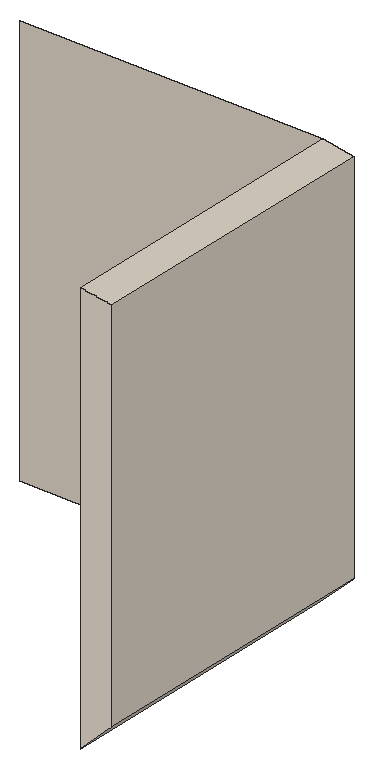
Revit family
Parameters (values of type "Base Even Quoin")
  Material Quion = Quoin Stone
  Length X = 440 mm
  Length Y = 440 mm
  Quoin Depth Z = 600 mm
  Quoin Offset = 25 mm
  Keynote = "F"
Types (5, lengths in mm): name | Length X | Length Y | Quoin Depth Z
  Long Quoin | 550 | 330 | 300
  Short Quoin | 330 | 550 | 300
  Base Quoin | 550 | 330 | 600
  Even Quoin | 440 | 440 | 300
  Base Even Quoin | 440 | 440 | 600
Reference planes
  plane 1: y = 0
  plane 2 "Center": x = 2593.333
  plane 3: y = 75
  plane 4: x = 3033.333
  plane 5: y = -365
  plane 6: y = 100
  plane 7: x = 3058.333
  plane 8: z = 0
  plane 9: z = 600
  plane 10: x = 2618.333
  plane 11: y = -340
Forms (mm)
  Extrusion 1, solid, material "Quoin Stone" <- "Material Quion"
    sketch origin (0, 0, 0) x (1, 0, 0) y (0, 1, 0)
      loop
        line (2593.333, 75) -> (3033.333, 75) -> (3033.333, -365) -> (3058.333, -338.685) -> (3058.333, 100) -> (2618.333, 100) -> (2593.333, 75)
    from 0 to 600
  Sweep 2, void
    path origin (3033.333, 75, 600) x (0, -1, 0) y (1, 0, 0)
      loop
        line (440, 25) -> (-25, 25) -> (-25, -440)
    profile origin (0, -132.5, 600) x (-1, 0, 0) y (0, 0, 1)
      loop
        line (-3058.333, 0) -> (-3058.333, -25) -> (-3033.333, 0) -> (-3058.333, 0)
  Sweep 3, void
    path origin (3033.333, 75, 0) x (1, 0, 0) y (0, 1, 0)
      loop
        line (-440, 25) -> (25, 25) -> (25, -440)
    profile origin (2825.833, 0, 0) x (0, 1, 0) y (0, 0, 1)
      loop
        line (100, 0) -> (100, 25) -> (75, 0) -> (100, 0)
Cuts and joins
  Sweep 2, Sweep 3 cuts Extrusion 1
Text (mm)
  text "Placement side" at (1856.34, 342.677, 0), in view "Ref. Level"
  text "Placement side" at (0, 2889.834, 3829.384), in view "Left"
  text "Placement side" at (0, 1396.932, 3853.606), in view "Right"
Dimensions and locks
  "Length X": plane 2 "Center" to plane 4
  "Length Y": plane 5 to plane 3
  "Quoin Offset": plane 3 to plane 6
  "Quoin Offset": plane 4 to plane 7
  "Quoin Depth Z": plane 8 to plane 9
  "Quoin Offset": plane 2 "Center" to plane 10
  "Quoin Offset": plane 5 to plane 11
  "Quoin Offset": Sweep 2 sketch curve to plane 9
  "Quoin Offset": Sweep 3 sketch curve to Sweep 3 sketch curve
  aligned and locked: plane 1 to host wall
  aligned and locked: plane 4 to host wall
  aligned and locked: plane 3 to host wall
  aligned and locked: Extrusion 1 sketch curve to host wall
  aligned and locked: plane 4 to Extrusion 1 sketch curve
  aligned and locked: Extrusion 1 sketch curve to plane 7
  aligned and locked: Extrusion 1 sketch curve to plane 6
  aligned and locked: plane 9 to Extrusion 1
  aligned and locked: Extrusion 1 to plane 8
  aligned and locked: Sweep 2 sketch curve to cut or joined group of Extrusion 1, Sweep 2, Sweep 3  (x2)
  aligned and locked: plane 2 "Center" to Sweep 2 sketch curve
  aligned and locked: plane 5 to Sweep 2 sketch curve
  aligned and locked: plane 4 to Sweep 2 sketch curve
  aligned and locked: Sweep 2 sketch curve to plane 9
  aligned and locked: Sweep 3 sketch curve to cut or joined group of Extrusion 1, Sweep 2, Sweep 3  (x2)
  aligned and locked: plane 2 "Center" to Sweep 3 sketch curve
  aligned and locked: plane 5 to Sweep 3 sketch curve
  aligned and locked: Sweep 3 sketch curve to plane 8
  aligned and locked: Sweep 3 sketch curve to plane 6
Automatic sketch dimensions
  Extrusion 1 sketch curve to plane 2 "Center" = 0 mm
  Extrusion 1 sketch curve to plane 10 = 0 mm
  Extrusion 1 sketch curve to plane 11 = 1.315 mm
  Extrusion 1 sketch curve to plane 5 = 0 mm
  Sweep 2 sketch curve to profile plane = 0 mm
  profile plane to Sweep 3 sketch curve = 25 mm
